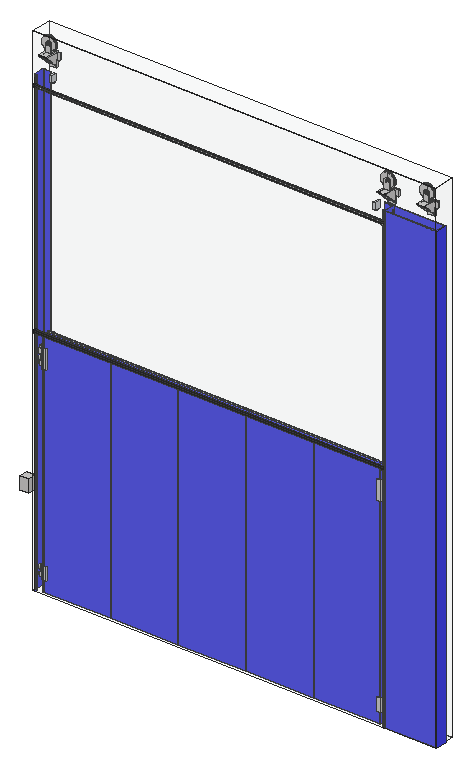
Revit family "Somati-System_GGS_Vertical-fire-sliding-system_counterweight-single_EI120", category Doors, host Wall, Revit 2018
Family settings
  Host = Wall
  OmniClass Number = 23.30.10.00
  OmniClass Title = Doors
  Always vertical = Yes
  Cut with Voids When Loaded = No
  Shared = No
  Room Calculation Point = No
Parameters (values of type "EI 120")
  Youtube clip = "https://www.youtube.com/watch?time_continue=3&v=VSmgMFHkcsw&feature=emb_logo"
  Wing top offset [instance] = 89 mm  # constant formula
  Wing thickness = 81.2 mm
  Wing access (Y) [instance] = [Height (H)] + 90 mm  # 3590 mm
  Width (W) [instance] = 5000 mm
  Weight Net (Kg) = "0"
  Uniformat II Description = ""
  Uniformat II Code = ""
  Uniclass 2015 Name = ""
  Uniclass 2015 Code = ""
  Uniclass 2.0 Description = ""
  Uniclass 2.0 Code = ""
  Uniclass 1.4 Description = ""
  Uniclass 1.4 Code = ""
  UNSPSC Code = ""
  Total height (Z) [instance] = (2 * [Height (H)]) + 830 mm  # 7830 mm
  Thickness = 0 mm
  Technical description = "https://somati-system.pl/en/download/ggs-download-en/"
  Region South America = "None"
  Region Oceania = "None"
  Region North America = "None"
  Region Middle East = "None"
  Region Europe = "AD, AL, AT, AX, BA, BE, BG, BY, CH, CY, CZ, DE, DK, EE, ES, FI, FO, FR, GB, GG, GI, GR, HR, HU, IE, IM, IS, IT, JE, LI, LT, LU, LV, MC, MD, ME, MK, MT, NL, NO, PL, PT, RO, RS, RU, SE, SI, SJ, SK, SM, UA, VA"
  Region Asia = "None"
  Region Antarctica = "None"
  Region Africa = "None"
  QR code = "http://bimobject.com/somati-system/product/GGS_VERTICAL_FIRE_SLIDING_DOOR"
  Product url = "https://somati-system.pl/en/products/ggs-vertical-fire-sliding-doors/"
  Product group = "GGS"
  Product family = "GGS"
  Product data url = "https://bimobject.com/somati-system/product/GGS_VERTICAL_FIRE_SLIDING_DOOR"
  Product certification = ""
  Product SKU = "GGS_VERTICAL_FIRE_SLIDING_DOOR"
  Product Guid = "5bca31b6-f156-4a66-a39c-9698f8e5fb81"
  OmniClass Description = ""
  OmniClass Code = ""
  Nominal width = 0 mm
  Nominal height = 0 mm
  NBS Reference Description = ""
  NBS Reference Code = ""
  Material secondary = "Composite"
  Material main = "Steel"
  Masterformat 2014 Description = ""
  Masterformat 2014 Code = ""
  Manufacturer name = "Somati System"
  Manufacturer country = "Poland"
  Installation instructions = ""
  IFC Classification = ""
  GTIN code = ""
  Edition number = 1
  Design country = "Poland"
  Date of publishing = ""
  Ctrl box offset [instance] = 115 mm
  COBIe Type Category = ""
  Brand url = ""
  BIMobject main category code = "doors"
  BIMobject main category = "Doors"
  BIMobject category code = "doors-fire"
  BIMobject category = "Fire Doors & Shutters"
  Assembly material [instance] = Somati - Stainless Steel - 7035
  Power supply of control panel = "Electromagnetic brake:1 x 230V/50Hz/6A, SI : 1x230V/50HZ/20A, Hydraulic: 3x 400V/50 HZ/16A"  # constant formula
  Panel width [instance] = ([Width (W)] + 281 mm) / Number of panels in wing  # 1056.2 mm
  Material [instance] = Somati - Stainless Steel - Custom
  Panel height [instance] = [Height (H)] + Wing top offset  # 3589 mm
  Number of panels in wing [instance] = roundup([Width (W)] / 1000 mm)  # 5
  No of beams [instance] = roundup(([Wing access (Y)] - 155 mm) / 1930 mm)  # 2
  Model = "GGS"  # constant formula
  Max number of opening cycles = 50000  # constant formula
  Manufacturer = "Somati System"  # constant formula
  Installation width (D) [instance] = [Width (W)] + 2 mm * 235  # 5470 mm
  Height (H) [instance] = 3500 mm
  Hardware material [instance] = Somati - Stainless Steel - 7035
  Gate Control type = "electromagnetic brake, SI engine, hydraulic drive"  # constant formula
  Function = Interior
  Height = 3000 mm
  Wall Closure = By host
  Width = 3500 mm
  Fire resistance = "EI 60, EI 120 n"  # constant formula
  Cunterweight housing control [instance] = if([Counterweight housing (P)] < 815 mm, 815 mm, if([Counterweight housing (P)] > 1235 mm, 1235 mm, [Counterweight housing (P)]))  # 1050 mm
  Counterweight housing (P) [instance] = 1050 mm
  Console mounting points (K) [instance] = 155 mm  # constant formula
  Console mounting axis (O2) [instance] = [Console mounting axis (O1)] - 50 mm  # 7285 mm
  Console mounting axis (O1) [instance] = [Height (H)] + [Wing access (Y)] + 245 mm  # 7335 mm
  Clearance Area Visibility [instance] = yes
  Available surface fnish = "Galvanized Stainless Steel PVC, MDF, HDF, laminate or veneer, STANDARD RAL 7035, 9002, 9006, 9010, and powder coating of whole RAL pallet"  # constant formula
Reference planes
  plane 1: y = 0
  plane 2 "Center (Left/Right)": x = 0
  plane 3 "Left": x = -2500
  plane 4 "Right": x = 2500
  plane 5 "Cutout height": z = 3500
  plane 6 "Exterior": y = 75
  plane 7 "Interior": y = -75
  plane 8 "Consoles mounting axis": z = 7335
  plane 9 "Total height top": z = 7830
  plane 10 "Consoles mounting axis 2": z = 7285
  plane 11 "Counterweight housing": x = 3550
  plane 12 "Handle": z = 1050
  plane 13 "Wing end left": x = -2638
  plane 14 "Wing end top": z = 3589
  plane 15 "Wing end right": x = 2573
  plane 16: y = -324
  plane 17 "Wing axis": y = -159.6
  plane 18: y = -65
  plane 19: y = -119
  plane 20: y = -200.2
  plane 21: x = -2640
  plane 22: x = -2545
  plane 23: y = -225.2
  plane 24: y = -94
  plane 25 "counter": x = -2735
  plane 26: x = 2735
  plane 27 "K1": z = 7490
  plane 28 "wing access": z = 7090
  plane 29: z = 3615
  plane 30: y = -245
  plane 31: x = 3115
  plane 32: z = 170
  plane 33: z = 3419
  plane 34 "ctrl box right": x = -2850
  plane 35 "ctrl box left": x = -2995
  plane 36 "ctrl box axis": z = 1400
  plane 37: z = 1497.5
  plane 38: z = 1302.5
  plane 39: x = 3000
  plane 40: x = -3000
  plane 41: y = -375
  plane 42: z = 7440
  plane 43: z = 7230
  plane 44: x = -2568
  plane 45: x = -2533
  plane 46: x = 2486.6
  plane 47: x = 2721.6
  plane 48: x = 3336.6
  plane 49: x = 2642.6
  plane 50: x = -2752
Forms (mm)
  Sweep 1, solid
    path origin (0, -75, 0) x (1, 0, 0) y (0, 0, 1)
      loop
        line (-2500, 0) -> (-2500, 3482) -> (2500, 3482)
    profile origin (-2500, -75, 1741) x (-1, 0, 0) y (0, -1, 0)
      loop
        line (5, 33) -> (5, 4)
        arc (5, 4) -> (6.172, 1.172) -> (9, 0) r 4
        line (9, 0) -> (101, 0)
        arc (101, 0) -> (103.828, 1.172) -> (105, 4) r 4
        line (105, 4) -> (105, 29)
        arc (105, 29) -> (105.586, 30.414) -> (107, 31) r 2
        line (107, 31) -> (128, 31) -> (128, 33) -> (5, 33)
  Sweep 2, solid, material "Somati - Stainless Steel - Custom" <- "Material"
    path origin (0, -75, 0) x (1, 0, 0) y (0, 0, 1)
      loop
        line (-2638, 3589) -> (-2638, 0)
    profile origin (-2638, -75, 1794.5) x (0, -1, 0) y (1, 0, 0)
      loop
        arc (27.2, 2) -> (28.372, -0.828) -> (31.2, -2) r 4
        line (31.2, -2) -> (123.2, -2)
        arc (123.2, -2) -> (126.028, -0.828) -> (127.2, 2) r 4
        line (127.2, 2) -> (127.2, 13) -> (125.2, 13) -> (125.2, 2)
        arc (125.2, 2) -> (124.614, 0.586) -> (123.2, 0) r 2
        line (123.2, 0) -> (31.2, 0)
        arc (31.2, 0) -> (29.786, 0.586) -> (29.2, 2) r 2
        line (29.2, 2) -> (29.2, 23) -> (27.2, 23) -> (27.2, 2)
  Sweep 3, solid, material "Somati - Stainless Steel - Custom" <- "Material"
    path origin (0, -75, 0) x (1, 0, 0) y (0, 0, 1)
      loop
        line (-2640, 3589) -> (2573, 3589)
    profile origin (-33.5, -75, 3589) x (0, 0, 1) y (0, -1, 0)
      loop
        line (-23, 19.5) -> (-23, 17.5) -> (-2, 17.5)
        arc (-2, 17.5) -> (0.828, 18.672) -> (2, 21.5) r 4
        line (2, 21.5) -> (2, 117.5) -> (0, 117.5) -> (0, 21.5)
        arc (0, 21.5) -> (-0.586, 20.086) -> (-2, 19.5) r 2
        line (-2, 19.5) -> (-23, 19.5)
  Sweep 4, solid, material "Somati - Stainless Steel - Custom" <- "Material"
    path origin (37, -75, 0) x (1, 0, 0) y (0, 0, 1)
      loop
        line (2573, 7230) -> (2573, 0)
    profile origin (2610, -75, 3615) x (0, -1, 0) y (1, 0, 0)
      loop
        line (0, 116.6) -> (0, -8.4) -> (3, -8.4) -> (3, 116.6)
        arc (3, 116.6) -> (4.582, 120.418) -> (8.4, 122) r 5.4
        line (8.4, 122) -> (161.6, 122)
        arc (161.6, 122) -> (165.418, 120.418) -> (167, 116.6) r 5.4
        line (167, 116.6) -> (167, 90) -> (170, 90) -> (170, 116.6)
        arc (170, 116.6) -> (167.54, 122.54) -> (161.6, 125) r 8.4
        line (161.6, 125) -> (8.4, 125)
        arc (8.4, 125) -> (2.46, 122.54) -> (0, 116.6) r 8.4
  Sweep 5, solid, material "Somati - Stainless Steel - Custom" <- "Material"
    path origin (0, -75, 0) x (1, 0, 0) y (0, 0, 1)
      loop
        line (-2735, 7230) -> (-2735, 0)
    profile origin (-2735, -75, 3615) x (0, -1, 0) y (1, 0, 0)
      loop
        line (3, 125) -> (0, 125) -> (0, 8.4)
        arc (0, 8.4) -> (2.46, 2.46) -> (8.4, 0) r 8.4
        line (8.4, 0) -> (161.6, 0)
        arc (161.6, 0) -> (167.54, 2.46) -> (170, 8.4) r 8.4
        line (170, 8.4) -> (170, 35) -> (167, 35) -> (167, 8.4)
        arc (167, 8.4) -> (165.418, 4.582) -> (161.6, 3) r 5.4
        line (161.6, 3) -> (8.4, 3)
        arc (8.4, 3) -> (4.582, 4.582) -> (3, 8.4) r 5.4
        line (3, 8.4) -> (3, 125)
  Sweep 6, solid, material "Somati - Stainless Steel - Custom" <- "Material"
    path origin (50, -75, 0) x (-1, 0, 0) y (0, 0, 1)
      loop
        line (-2592.6, 3589) -> (-2592.6, 0)
    profile origin (2642.6, -75, 1794.5) x (0, -1, 0) y (1, 0, 0)
      loop
        line (27.2, -2) -> (27.2, -23) -> (29.2, -23) -> (29.2, -2)
        arc (29.2, -2) -> (29.786, -0.586) -> (31.2, 0) r 2
        line (31.2, 0) -> (123.2, 0)
        arc (123.2, 0) -> (124.614, -0.586) -> (125.2, -2) r 2
        line (125.2, -2) -> (125.2, -13) -> (127.2, -13) -> (127.2, -2)
        arc (127.2, -2) -> (126.028, 0.828) -> (123.2, 2) r 4
        line (123.2, 2) -> (31.2, 2)
        arc (31.2, 2) -> (28.372, 0.828) -> (27.2, -2) r 4
  Extrusion 7, solid, material "Clearance Areas", visible <- "Clearance Area Visibility"
    sketch origin (5680.186, 2031.48, 220.701) x (1, 0, 0) y (0, 0, -1)
      loop
        line (-8432.186, 220.701) -> (-8432.186, -7609.299) -> (-2138.466, -7609.299) -> (-2138.466, 220.701) -> (-8432.186, 220.701)
    from -2292.08 to -1956.48
  Extrusion 8, solid, material "Somati - Stainless Steel - 7035" <- "Hardware material"
    sketch origin (0, -75, 0) x (1, 0, 0) y (0, 0, 1)
      loop
        line (-2995, 1497.5) -> (-2995, 1302.5) -> (-2850, 1302.5) -> (-2850, 1497.5) -> (-2995, 1497.5)
    from 0 to 127.2
  Extrusion 9, solid, material "Somati - Stainless Steel - Custom" <- "Material"
    sketch origin (0, 0, 0) x (1, 0, 0) y (0, 1, 0)
      loop
        line (3550, -75) -> (2735, -75) -> (2735, -245) -> (3550, -245) -> (3550, -75)
      loop
        line (2740, -80) -> (2740, -240) -> (3545, -240) -> (3545, -80) -> (2740, -80)
    from 0 to 7230
  Sweep 10, solid, material "Somati - Stainless Steel - Custom", not visible
    path origin (0, -75, 0) x (1, 0, 0) y (0, 0, 1)
      loop
        line (2500, 0) -> (2500, 3589)
    profile origin (2500, -75, 1794.5) x (-1, 0, 0) y (0, -1, 0)
      loop
        arc (-9, 0) -> (-6.172, 1.172) -> (-5, 4) r 4
        line (-5, 4) -> (-5, 33) -> (-121, 33) -> (-121, 30) -> (-100, 30) -> (-100, 4)
        arc (-100, 4) -> (-98.828, 1.172) -> (-96, 0) r 4
        line (-96, 0) -> (-9, 0)
Lines and regions (mm)
  Opening 1
    outline origin (-3050, -75, 0) x (1, 0, 0) y (0, 0, 1)
      loop
        line (550, 0) -> (5550, 0) -> (5550, 3500) -> (550, 3500) -> (550, 0)
Text (mm)
  text "Exterior" at (-2295.016, 1099.543, 0), in view "Ref. Level"
  text "Exterior" at (0, 1615.38, 3698.081), in view "Left"
  text "Exterior" at (0, 1036.032, 3874.932), in view "Right"
Dimensions and locks
  equal spacing: plane 3 "Left", plane 2 "Center (Left/Right)", plane 4 "Right"
  "Width (W)": plane 3 "Left" to plane 4 "Right"
  "Height (H)": plane 5 "Cutout height" to host wall
  host wall to plane 5 "Cutout height" = 3500 mm  (x2)
  locked: plane 6 "Exterior" to host wall at 0
  locked: plane 7 "Interior" to host wall
  "Total height (Z)": plane 9 "Total height top" to level
  "Console mounting axis (O1)": plane 8 "Consoles mounting axis" to level
  "Console mounting axis (O2)": plane 10 "Consoles mounting axis 2" to level
  "Cunterweight housing control": plane 4 "Right" to plane 11 "Counterweight housing"
  locked: plane 12 "Handle" to level at 1050
  equal spacing: plane 19, plane 17 "Wing axis", plane 20
  equal spacing: group 1, group 3, group 6, group 7, group 2  (x3)
  plane 4 "Right" to plane 15 "Wing end right" = 73 mm
  "Wing top offset": plane 14 "Wing end top" to plane 5 "Cutout height"
  locked: plane 21 to plane 13 "Wing end left" at 2
  locked: Sweep 1 sketch curve to plane 5 "Cutout height" at 18
  locked: plane 22 to plane 3 "Left" at 45
  locked: plane 24 to plane 19 at 25
  locked: plane 20 to plane 23 at 25
  equal spacing: plane 26, plane 2 "Center (Left/Right)", plane 25 "counter"
  "Installation width (D)": plane 26 to plane 25 "counter"
  "Console mounting points (K)": plane 27 "K1" to plane 8 "Consoles mounting axis"
  "Wing access (Y)": plane 5 "Cutout height" to plane 28 "wing access"
  locked: plane 29 to plane 14 "Wing end top" at 26
  locked: host wall to plane 30 at 170
  group 4 to group 5 = 0 mm  (x2)
  group 4 to group 5 = 3435 mm
  locked: plane 4 "Right" to plane 31 at 615
  locked: plane 25 "counter" to plane 13 "Wing end left" at 97
  locked: plane 29 to plane 33 at 196
  locked: plane 32 to level at 170
  "Ctrl box offset": plane 34 "ctrl box right" to plane 25 "counter"
  locked: plane 36 "ctrl box axis" to level at 1400
  locked: plane 37 to plane 38 at 195
  locked: plane 34 "ctrl box right" to plane 35 "ctrl box left" at 145
  plane 17 "Wing axis" to plane 23 = 65.6 mm
  locked: plane 4 "Right" to plane 39 at 500
  locked: plane 40 to plane 3 "Left" at 500
  locked: host wall to plane 41 at 300
  "Console mounting points (K)": plane 42 to plane 10 "Consoles mounting axis 2"
  locked: plane 8 "Consoles mounting axis" to plane 43 at 105
  locked: plane 44 to plane 34 "ctrl box right" at 282
  locked: plane 44 to plane 45 at 35
  locked: plane 39 to plane 46 at 513.4
  locked: plane 47 to plane 46 at 235
  locked: plane 48 to plane 47 at 615
  locked: plane 19 to plane 20 at 81.2
  locked: plane 19 to host wall at 44
  plane 25 "counter" to plane 26 = 5470 mm
  locked: plane 49 to plane 47 at 79
  plane 25 "counter" to plane 3 "Left" = 235 mm
  plane 4 "Right" to plane 26 = 235 mm
  locked: plane 50 to plane 25 "counter" at 17
  aligned and locked: plane 3 "Left" to Opening 1 sketch curve
  aligned and locked: plane 5 "Cutout height" to Opening 1 sketch curve  (x2)
  aligned and locked: Opening 1 sketch curve to plane 4 "Right"
  aligned and locked: Opening 1 sketch curve to level
  aligned and locked: host wall to plane 1
  aligned and locked: nested 1 to plane 17 "Wing axis"
  aligned and locked: Sweep 1 sketch curve to plane 3 "Left"
  aligned and locked: plane 3 "Left" to Sweep 1 sketch curve
  aligned and locked: plane 4 "Right" to Sweep 1 sketch curve
  aligned and locked: level to Sweep 1 sketch curve
  aligned and locked: Sweep 2 sketch curve to plane 13 "Wing end left"
  aligned and locked: plane 14 "Wing end top" to Sweep 2 sketch curve
  aligned and locked: level to Sweep 2 sketch curve
  aligned and locked: Sweep 3 sketch curve to plane 14 "Wing end top"
  aligned and locked: Sweep 3 sketch curve to plane 21
  aligned and locked: plane 15 "Wing end right" to Sweep 3 sketch curve
  aligned and locked: level to Sweep 5 sketch curve
  aligned and locked: Sweep 5 sketch curve to plane 25 "counter"
  aligned and locked: plane 2 "Center (Left/Right)" to nested 4
  aligned and locked: nested 4 to plane 29
  aligned and locked: nested 4 to plane 30
  aligned and locked: nested 3 to plane 17 "Wing axis"
  aligned and locked: nested 2 to plane 17 "Wing axis"
  aligned and locked: nested 5 to plane 30
  aligned and locked: plane 28 "wing access" to nested 5
  aligned and locked: host wall to nested 6
  aligned and locked: nested 7 to host wall
  aligned and locked: host wall to nested 8
  aligned and locked: plane 14 "Wing end top" to Sweep 6 sketch curve
  aligned and locked: nested 11 to Sweep 6  (x2)
  aligned and locked: nested 12 to Sweep 6  (x2)
  aligned and locked: nested 13 to Sweep 2  (x2)
  aligned and locked: nested 14 to Sweep 2  (x2)
  aligned and locked: plane 32 to nested 14
  aligned and locked: plane 32 to nested 12
  aligned and locked: plane 33 to nested 11
  aligned and locked: nested 13 to plane 33
  aligned and locked: Extrusion 7 to plane 6 "Exterior"
  aligned and locked: plane 9 "Total height top" to Extrusion 7
  aligned and locked: Sweep 2 to Extrusion 8
  aligned and locked: plane 11 "Counterweight housing" to Extrusion 9
  aligned and locked: Sweep 10 sketch curve to plane 4 "Right"
  aligned and locked: level to Sweep 10 sketch curve
  aligned and locked: plane 14 "Wing end top" to Sweep 10 sketch curve
  aligned and locked: plane 42 to nested 7
  aligned and locked: plane 27 "K1" to nested 6
  aligned and locked: plane 27 "K1" to nested 8
  aligned and locked: plane 43 to Sweep 5 sketch curve
  aligned and locked: plane 43 to Sweep 4 sketch curve
  aligned and locked: Extrusion 9 to plane 43
  aligned and locked: host wall to nested 10
  aligned and locked: nested 9 to host wall
  aligned and locked: plane 43 to nested 9
  aligned and locked: nested 9 to plane 45
  aligned and locked: nested 10 to plane 43
  aligned and locked: plane 46 to nested 10
  aligned and locked: plane 47 to nested 7
  aligned and locked: plane 48 to nested 8
  aligned and locked: nested 6 to plane 44
  aligned and locked: plane 20 to Sweep 2
  aligned and locked: plane 20 to Sweep 6
  aligned and locked: plane 26 to Sweep 4
  aligned and locked: Sweep 6 to plane 49
  aligned and locked: nested 1 to plane 13 "Wing end left"
  aligned and locked: plane 49 to nested 2
  aligned and locked: Extrusion 7 to plane 50
Automatic sketch dimensions
  plane 7 "Interior" to Sweep 1 sketch curve = 0 mm
  Sweep 1 sketch curve to profile plane = 5 mm
  Sweep 1 sketch curve to Sweep 1 sketch curve = 4 mm
  plane 7 "Interior" to Sweep 1 sketch curve = 4 mm
  Sweep 1 sketch curve to Sweep 1 sketch curve = 92 mm
  Sweep 1 sketch curve to Sweep 1 sketch curve = 2 mm
  Sweep 1 sketch curve to Sweep 1 sketch curve = 21 mm
  Sweep 1 sketch curve to Sweep 1 sketch curve = 25 mm
  Sweep 1 sketch curve to Sweep 1 sketch curve = 29 mm
  Sweep 2 sketch curve to Sweep 2 sketch curve = 0 mm  (x4)
  Sweep 2 sketch curve to profile plane = 0 mm
  Sweep 2 sketch curve to profile plane = 2 mm  (x2)
  plane 7 "Interior" to Sweep 2 sketch curve = 27.2 mm
  Sweep 2 sketch curve to Sweep 2 sketch curve = 2 mm
  Sweep 2 sketch curve to Sweep 2 sketch curve = 92 mm
  Sweep 2 sketch curve to Sweep 2 sketch curve = 11 mm
  Sweep 2 sketch curve to Sweep 2 sketch curve = 21 mm
  Sweep 3 sketch curve to Sweep 3 sketch curve = 0 mm  (x2)
  profile plane to Sweep 3 sketch curve = 0 mm
  profile plane to Sweep 3 sketch curve = 2 mm
  Sweep 3 sketch curve to Sweep 3 sketch curve = 21 mm
  Sweep 3 sketch curve to Sweep 3 sketch curve = 2 mm
  plane 7 "Interior" to Sweep 3 sketch curve = 17.5 mm
  Sweep 3 sketch curve to Sweep 3 sketch curve = 96 mm
  Sweep 4 sketch curve to level = 0 mm
  Sweep 5 sketch curve to Sweep 5 sketch curve = 0 mm  (x4)
  plane 7 "Interior" to Sweep 5 sketch curve = 0 mm
  Sweep 5 sketch curve to profile plane = 0 mm
  Sweep 5 sketch curve to Sweep 5 sketch curve = 3 mm
  Sweep 5 sketch curve to Sweep 5 sketch curve = 5.4 mm
  Sweep 5 sketch curve to profile plane = 8.4 mm
  Sweep 5 sketch curve to Sweep 5 sketch curve = 153.2 mm
  Sweep 5 sketch curve to Sweep 5 sketch curve = 26.6 mm
  Sweep 5 sketch curve to Sweep 5 sketch curve = 116.6 mm
  Sweep 6 sketch curve to level = 0 mm
  Sweep 6 sketch curve to Sweep 6 sketch curve = 0 mm  (x4)
  Sweep 6 sketch curve to profile plane = 0 mm
  profile plane to Sweep 6 sketch curve = 2 mm  (x2)
  plane 7 "Interior" to Sweep 6 sketch curve = 27.2 mm
  Sweep 6 sketch curve to Sweep 6 sketch curve = 2 mm
  Sweep 6 sketch curve to Sweep 6 sketch curve = 92 mm
  Sweep 6 sketch curve to Sweep 6 sketch curve = 11 mm
  Sweep 6 sketch curve to Sweep 6 sketch curve = 21 mm
  Extrusion 7 sketch curve to level = 0 mm
  plane 29 to Extrusion 7 sketch curve = 4215 mm
  Extrusion 7 sketch curve to plane 11 "Counterweight housing" = 6302 mm
  Extrusion 7 sketch curve to Extrusion 7 sketch curve = 6293.719 mm
  Extrusion 8 sketch curve to plane 35 "ctrl box left" = 0 mm
  Extrusion 8 sketch curve to plane 34 "ctrl box right" = 0 mm
  Extrusion 8 sketch curve to plane 38 = 0 mm
  Extrusion 8 sketch curve to plane 37 = 0 mm
  host wall to Extrusion 9 sketch curve = 0 mm
  Extrusion 9 sketch curve to plane 26 = 0 mm
  Extrusion 9 sketch curve to plane 11 "Counterweight housing" = 0 mm
  plane 16 to Extrusion 9 sketch curve = 79 mm
  plane 26 to Extrusion 9 sketch curve = 5 mm
  Extrusion 9 sketch curve to plane 11 "Counterweight housing" = 5 mm
  plane 16 to Extrusion 9 sketch curve = 84 mm
  host wall to Extrusion 9 sketch curve = 5 mm
  Sweep 4 sketch curve to Sweep 4 sketch curve = 0 mm  (x4)
  plane 7 "Interior" to Sweep 4 sketch curve = 0 mm
  plane 7 "Interior" to Sweep 4 sketch curve = 3 mm
  Sweep 4 sketch curve to Sweep 4 sketch curve = 5.4 mm  (x2)
  Sweep 4 sketch curve to Sweep 4 sketch curve = 153.2 mm
  Sweep 4 sketch curve to profile plane = 90 mm
  Sweep 4 sketch curve to Sweep 4 sketch curve = 26.6 mm
  profile plane to Sweep 4 sketch curve = 8.4 mm
  plane 7 "Interior" to Sweep 10 sketch curve = 0 mm
  profile plane to Sweep 10 sketch curve = 5 mm
  Sweep 10 sketch curve to Sweep 10 sketch curve = 4 mm
  plane 7 "Interior" to Sweep 10 sketch curve = 4 mm
  Sweep 10 sketch curve to Sweep 10 sketch curve = 87 mm
  Sweep 10 sketch curve to Sweep 10 sketch curve = 21 mm
  Sweep 10 sketch curve to Sweep 10 sketch curve = 26 mm
  Sweep 10 sketch curve to Sweep 10 sketch curve = 29 mm
  plane 15 "Wing end right" to Sweep 4 sketch curve = 37 mm
  Sweep 6 sketch curve to plane 49 = 0 mm
Nested families
  nested 1: "Family2" at (-2109.9, -159.6, 0), Material <- "Material", Width <- "Panel width", Thickness <- "Wing thickness", Height <- "Panel height", type "Family2"
    with Width 1056.2 mm, Thickness 81.2 mm, Material Somati - Stainless Steel - Custom, Height 3589 mm
  nested 2: "Family2" at (2114.5, -159.6, 0), Material <- "Material", Width <- "Panel width", Thickness <- "Wing thickness", Height <- "Panel height", type "Family2"
    with Width 1056.2 mm, Thickness 81.2 mm, Material Somati - Stainless Steel - Custom, Height 3589 mm
  nested 3: "Family2" at (-1053.8, -159.6, 0), Material <- "Material", Width <- "Panel width", Thickness <- "Wing thickness", Height <- "Panel height", type "Family2"
    with Width 1056.2 mm, Thickness 81.2 mm, Material Somati - Stainless Steel - Custom, Height 3589 mm
  nested 4: "Family8" at (0, -245, 3615), type "Family8"
    with Width 5470 mm
  nested 5: "Family8" at (0, -245, 7050), type "Family8"
    with Width 5470 mm
  nested 6: "Family9" at (-2568, -75, 7315), type "Family9"
  nested 7: "Family9" at (2721.6, -75, 7265) x (-1, 0, 0) z (0, 0, 1), type "Family9"
  nested 8: "Family9" at (3336.6, -75, 7315), type "Family9"
  nested 9: "Stopper" at (-2550.874, -115, 7112.358), type "Stopper"
  nested 10: "Stopper" at (2504.474, -115, 7112.358) x (-1, 0, 0) z (0, 0, 1), type "Stopper"
  nested 11: "Family10" at (2644.6, -202.2, 3119), type "Family10"
  nested 12: "Family11" at (2644.6, -202.2, 170), type "Family11"
  nested 13: "Family10" at (-2640, -202.2, 3119) x (-1, 0, 0) z (0, 0, 1), type "Family10"
  nested 14: "Family11" at (-2640, -202.2, 170) x (-1, 0, 0) z (0, 0, 1), type "Family11"
  nested 15: "Family2" at (2.3, -159.6, 0), Material <- "Material", Width <- "Panel width", Thickness <- "Wing thickness", Height <- "Panel height", type "Family2"
    with Width 1056.2 mm, Thickness 81.2 mm, Material Somati - Stainless Steel - Custom, Height 3589 mm
  nested 16: "Family2" at (1058.4, -159.6, 0), Material <- "Material", Width <- "Panel width", Thickness <- "Wing thickness", Height <- "Panel height", type "Family2"
    with Width 1056.2 mm, Thickness 81.2 mm, Material Somati - Stainless Steel - Custom, Height 3589 mm
Definition of nested family "Family2"
  Parameters (values of type "Family2")
    Width [instance] = 349.761 mm
    Thickness [instance] = 117.742 mm
    Material [instance] = none
    Height [instance] = 398.765 mm
    Hardware material = none
  Reference planes
    plane 1 "Center (Front/Back)": y = 0
    plane 2: z = 0
    plane 3 "Center (Left/Right)": x = 0
    plane 4: x = -174.88
    plane 5: x = 174.88
    plane 6: y = 58.871
    plane 7: y = -58.871
    plane 8: z = 398.765
  Forms (mm)
    Extrusion 1, solid, material <- "Material"
      sketch origin (0, 0, 0) x (1, 0, 0) y (0, 1, 0)
        loop
          line (-174.88, -58.871) -> (174.88, -58.871) -> (174.88, 58.871) -> (-174.88, 58.871) -> (-174.88, -58.871)
      from 0 to 398.765
  Dimensions and locks
    equal spacing: plane 4, plane 3 "Center (Left/Right)", plane 5
    "Width": plane 4 to plane 5
    equal spacing: plane 6, plane 1 "Center (Front/Back)", plane 7
    "Thickness": plane 6 to plane 7
    "Height": plane 8 to plane 2
    aligned and locked: level to plane 2
    aligned and locked: plane 6 to Extrusion 1
    aligned and locked: Extrusion 1 to plane 7
    aligned and locked: Extrusion 1 to plane 4
    aligned and locked: plane 5 to Extrusion 1
    aligned and locked: plane 6 to Extrusion 1 sketch curve
    aligned and locked: Extrusion 1 sketch curve to plane 7
    aligned and locked: Extrusion 1 sketch curve to plane 4
    aligned and locked: plane 5 to Extrusion 1 sketch curve
    aligned and locked: plane 8 to Extrusion 1
Definition of nested family "Family8"
  Parameters (values of type "Family8")
    Width = 1480 mm
    Material = none
  Reference planes
    plane 1 "Center (Front/Back)": y = 0
    plane 2: z = 0
    plane 3 "Center (Left/Right)": x = 0
    plane 4: x = -740
    plane 5: x = 740
  Forms (mm)
    Extrusion 1, solid, material <- "Material"
      sketch origin (0, 0, 0) x (0, 1, 0) y (0, 0, 1)
        loop
          arc (-2.5, 38.5) -> (-1.793, 38.207) -> (-1.5, 37.5) r 1
          line (-1.5, 37.5) -> (-1.5, 2.5)
          arc (-1.5, 2.5) -> (-1.793, 1.793) -> (-2.5, 1.5) r 1
          line (-2.5, 1.5) -> (-17.5, 1.5)
          arc (-17.5, 1.5) -> (-18.207, 1.793) -> (-18.5, 2.5) r 1
          line (-18.5, 2.5) -> (-18.5, 9) -> (-20, 9) -> (-20, 2)
          arc (-20, 2) -> (-19.414, 0.586) -> (-18, 0) r 2
          line (-18, 0) -> (-2, 0)
          arc (-2, 0) -> (-0.586, 0.586) -> (0, 2) r 2
          line (0, 2) -> (0, 38)
          arc (0, 38) -> (-0.586, 39.414) -> (-2, 40) r 2
          line (-2, 40) -> (-18, 40)
          arc (-18, 40) -> (-19.414, 39.414) -> (-20, 38) r 2
          line (-20, 38) -> (-20, 31) -> (-18.5, 31) -> (-18.5, 37.5)
          arc (-18.5, 37.5) -> (-18.207, 38.207) -> (-17.5, 38.5) r 1
          line (-17.5, 38.5) -> (-2.5, 38.5)
      from -740 to 740
  Dimensions and locks
    equal spacing: plane 4, plane 3 "Center (Left/Right)", plane 5
    "Width": plane 4 to plane 5
    aligned and locked: level to plane 2
    aligned and locked: Extrusion 1 to plane 4
    aligned and locked: plane 5 to Extrusion 1
  Automatic sketch dimensions
    Extrusion 1 sketch curve to level = 0 mm
    Extrusion 1 sketch curve to plane 1 "Center (Front/Back)" = 0 mm
    plane 1 "Center (Front/Back)" to Extrusion 1 sketch curve = 1.5 mm
    plane 1 "Center (Front/Back)" to Extrusion 1 sketch curve = 2 mm
    Extrusion 1 sketch curve to Extrusion 1 sketch curve = 0.5 mm  (x6)
    Extrusion 1 sketch curve to Extrusion 1 sketch curve = 15 mm  (x2)
    level to Extrusion 1 sketch curve = 2.5 mm
    Extrusion 1 sketch curve to Extrusion 1 sketch curve = 1 mm  (x2)
    Extrusion 1 sketch curve to Extrusion 1 sketch curve = 1.5 mm  (x2)
    Extrusion 1 sketch curve to Extrusion 1 sketch curve = 6.5 mm  (x2)
    Extrusion 1 sketch curve to Extrusion 1 sketch curve = 22 mm
Definition of nested family "Family9"
  Parameters (values of type "Family9")
    Material = none
  Reference planes
    plane 1 "Center (Front/Back)": y = 0
    plane 2: z = 0
    plane 3 "Center (Left/Right)": x = 0
  Forms (mm)
    Extrusion 1, solid, material <- "Material"
      sketch origin (0, 0, 0) x (1, 0, 0) y (0, 0, 1)
        loop
          line (-60, 125) -> (-60, 10) -> (-50, 0) -> (50, 0) -> (60, 10) -> (60, 125) -> (102.5, 125) -> (112.5, 135) -> (112.5, 215) -> (102.5, 225) -> (-102.5, 225) -> (-112.5, 215) -> (-112.5, 135) -> (-102.5, 125) -> (-60, 125)
      from 0 to 10
    Extrusion 2, solid, material <- "Material"
      sketch origin (0, 0, 0) x (0, 1, 0) y (0, 0, 1)
        loop
          line (-10, 37) -> (-10, 192.786) -> (-44.024, 225) -> (-208, 225) -> (-208, 215) -> (-20, 37) -> (-10, 37)
      from -50 to -40
    Extrusion 3, solid, material <- "Material"
      sketch origin (0, 0, 0) x (0, 1, 0) y (0, 0, -1)
        loop
          line (-10, -37) -> (-20, -37) -> (-208, -215) -> (-208, -225) -> (-44.024, -225) -> (-10, -192.786) -> (-10, -37)
      from -50 to -40
    Extrusion 4, solid, material <- "Material"
      sketch origin (0, 0, 0) x (1, 0, 0) y (0, 0, 1)
        loop
          line (-40, 235) -> (40, 235) -> (40, 365) -> (15, 390) -> (-15, 390) -> (-40, 365) -> (-40, 235)
      from 56 to 62
    Extrusion 5, solid, material <- "Material"
      sketch origin (0, -167, 0) x (1, 0, 0) y (0, 0, -1)
        loop
          line (-40, -235) -> (-40, -365) -> (-15, -390) -> (15, -390) -> (40, -365) -> (40, -235) -> (-40, -235)
      from 56 to 62
    Extrusion 6, solid, material <- "Material"
      sketch origin (0, 0, 0) x (0, 1, 0) y (0, 0, 1)
        loop
          line (-225, 225) -> (0, 225) -> (0, 235) -> (-225, 235) -> (-225, 225)
      from -60 to 60
    Revolve 7, solid, material <- "Material"
      sketch origin (0, 0, 0) x (0, 1, 0) y (0, 0, 1)
        loop
          line (-71, 470) -> (-73.264, 470)
          arc (-73.264, 470) -> (-75.522, 469.302) -> (-76.992, 467.451) r 4
          line (-76.992, 467.451) -> (-80.704, 457.912)
          arc (-80.704, 457.912) -> (-83.5, 456) -> (-86.296, 457.912) r 3
          line (-86.296, 457.912) -> (-90.008, 467.451)
          arc (-90.008, 467.451) -> (-91.478, 469.302) -> (-93.736, 470) r 4
          line (-93.736, 470) -> (-96, 470) -> (-96, 392.5) -> (-104, 392.5) -> (-104, 372.5) -> (-115, 372.5) -> (-115, 360) -> (-52, 360) -> (-52, 372.5) -> (-63, 372.5) -> (-63, 392.5) -> (-71, 392.5) -> (-71, 470)
        axis (-52, 360) -> (-115, 360)
      angle from 0 to 360
  Lines and regions (mm)
    reference lines
      curve 1: line (-110, 0, 360) -> (110, 0, 360)
      curve 2: line (-112.5, 0, 175) -> (112.5, 0, 175)
  Dimensions and locks
    aligned and locked: level to plane 2
Definition of nested family "Stopper"
  Parameters (values of type "Stopper")
    Material = none
  Reference planes
    plane 1 "Center (Front/Back)": y = 0
    plane 2: z = 0
    plane 3 "Center (Left/Right)": x = 0
  Forms (mm)
    Extrusion 1, solid
      sketch origin (68.691, 0, 67.679) x (0, 0, -1) y (-1, 0, 0)
        loop
          line (-49.963, 50.816) -> (50, 50.816) -> (50, 87.816) -> (-49.963, 87.816) -> (-49.963, 50.816)
      from -40 to 40
    Revolve 2, solid, material <- "Material"
      sketch origin (17.874, 0, 67.679) x (0, 0, -1) y (-1, 0, 0)
        loop
          line (50, 36.9) -> (50, 18.5) -> (67.112, 18.5) -> (67.112, 36.9) -> (50, 36.9)
        axis (50, 18.5) -> (67.112, 18.5)
      angle from 0 to 360
  Dimensions and locks
    aligned and locked: level to plane 2
Definition of nested family "Family10"
  Parameters (values of type "Family10")
    Material = none
  Reference planes
    plane 1 "Center (Front/Back)": y = 0
    plane 2: z = 0
    plane 3 "Center (Left/Right)": x = 0
  Forms (mm)
    Extrusion 1, solid, material <- "Material"
      sketch origin (0, 0, 0) x (1, 0, 0) y (0, 1, 0)
        loop
          line (10, 70) -> (0, 70) -> (0, 0) -> (-60, 0) -> (-60, -10) -> (10, -10) -> (10, 70)
      from 0 to 300
    Extrusion 2, solid, material <- "Material"
      sketch origin (0, 0, 0) x (1, 0, 0) y (0, 0, 1)
        loop
          line (9.154, 155) -> (11.154, 155)
          arc (11.154, 155) -> (13.276, 155.879) -> (14.154, 158.001) r 3
          line (14.154, 158.001) -> (14.154, 185)
          arc (14.154, 185) -> (15.62, 188.537) -> (19.157, 190) r 5
          line (19.157, 190) -> (66.154, 190)
          arc (66.154, 190) -> (68.276, 190.879) -> (69.154, 193) r 3
          line (69.154, 193) -> (69.154, 195) -> (69.154, 260)
          arc (69.154, 260) -> (66.228, 267.068) -> (59.162, 270) r 10
          line (59.162, 270) -> (9.154, 270) -> (9.154, 155)
      from -60 to -10
    Extrusion 3, solid, material <- "Material"
      sketch origin (0, 0, 0) x (1, 0, 0) y (0, 0, 1)
        loop
          line (9.154, 30) -> (49.162, 30)
          arc (49.162, 30) -> (56.23, 32.933) -> (59.154, 40.005) r 10
          line (59.154, 40.005) -> (59.154, 70.005)
          arc (59.154, 70.005) -> (56.224, 77.073) -> (49.154, 80) r 10
          line (49.154, 80) -> (9.154, 80) -> (9.154, 30)
      from -52.5 to -47.5
    Extrusion 4, solid, material <- "Material"
      sketch origin (0, 70, 0) x (1, 0, 0) y (0, 0, -1)
        loop
          line (9.154, -30) -> (9.154, -80) -> (49.154, -80)
          arc (49.154, -80) -> (56.224, -77.073) -> (59.154, -70.005) r 10
          line (59.154, -70.005) -> (59.154, -40.005)
          arc (59.154, -40.005) -> (56.23, -32.933) -> (49.162, -30) r 10
          line (49.162, -30) -> (9.154, -30)
      from -52.5 to -47.5
    Extrusion 5, solid, material <- "Material"
      sketch origin (0, 0, 0) x (1, 0, 0) y (0, 0, 1)
        loop
          line (64.154, 257.913) -> (64.154, 288.509)
          arc (64.154, 288.509) -> (46.65, 306) -> (29.154, 288.5) r 17.5
          line (29.154, 288.5) -> (29.154, 272) -> (32.154, 272) -> (32.154, 257.913) -> (64.154, 257.913)
      from -47.5 to -22.5
    Extrusion 6, solid, material <- "Material"
      sketch origin (0, 0, 0) x (1, 0, 0) y (0, 0, 1)
        loop
          circle (46.154, 55) r 30
      from -47.5 to -22.5
    Revolve 7, solid, material <- "Material"
      sketch origin (0, 35, 0) x (1, 0, 0) y (0, 0, 1)
        loop
          line (71.654, 125) -> (71.654, 133) -> (70.154, 133) -> (70.154, 152.5) -> (68.654, 154) -> (41.654, 154) -> (40.154, 152.5) -> (40.154, 140) -> (9.154, 140) -> (9.154, 125) -> (71.654, 125)
        axis (9.154, 125) -> (71.654, 125)
      angle from 0 to 360
  Dimensions and locks
    aligned and locked: level to plane 2
Definition of nested family "Family11"
  Parameters (values of type "Family11")
    Material = none
  Reference planes
    plane 1 "Center (Front/Back)": y = 0
    plane 2: z = 0
    plane 3 "Center (Left/Right)": x = 0
  Forms (mm)
    Extrusion 1, solid, material <- "Material"
      sketch origin (0, 0, 0) x (1, 0, 0) y (0, 1, 0)
        loop
          line (10, 70) -> (0, 70) -> (0, 0) -> (-60, 0) -> (-60, -10) -> (10, -10) -> (10, 70)
      from 0 to 200
    Extrusion 2, solid, material <- "Material"
      sketch origin (0, 0, 0) x (1, 0, 0) y (0, 0, 1)
        loop
          line (9.154, 30) -> (49.162, 30)
          arc (49.162, 30) -> (56.23, 32.933) -> (59.154, 40.005) r 10
          line (59.154, 40.005) -> (59.154, 70.005)
          arc (59.154, 70.005) -> (56.224, 77.073) -> (49.154, 80) r 10
          line (49.154, 80) -> (9.154, 80) -> (9.154, 30)
      from -52.5 to -47.5
    Extrusion 3, solid, material <- "Material"
      sketch origin (0, 70, -5) x (1, 0, 0) y (0, 0, -1)
        loop
          line (9.154, -30) -> (9.154, -80) -> (49.154, -80)
          arc (49.154, -80) -> (56.224, -77.073) -> (59.154, -70.005) r 10
          line (59.154, -70.005) -> (59.154, -40.005)
          arc (59.154, -40.005) -> (56.23, -32.933) -> (49.162, -30) r 10
          line (49.162, -30) -> (9.154, -30)
      from -52.5 to -47.5
    Extrusion 4, solid, material <- "Material"
      sketch origin (0, 0, -5) x (1, 0, 0) y (0, 0, 1)
        loop
          circle (46.154, 55) r 30
      from -47.5 to -22.5
    Revolve 5, solid, material <- "Material"
      sketch origin (0.846, 35, 25) x (1, 0, 0) y (0, 0, 1)
        loop
          line (71.654, 125) -> (71.654, 133) -> (70.154, 133) -> (70.154, 152.5) -> (68.654, 154) -> (41.654, 154) -> (40.154, 152.5) -> (40.154, 140) -> (9.154, 140) -> (9.154, 125) -> (71.654, 125)
        axis (9.154, 125) -> (71.654, 125)
      angle from 0 to 360
  Dimensions and locks
    aligned and locked: level to plane 2
